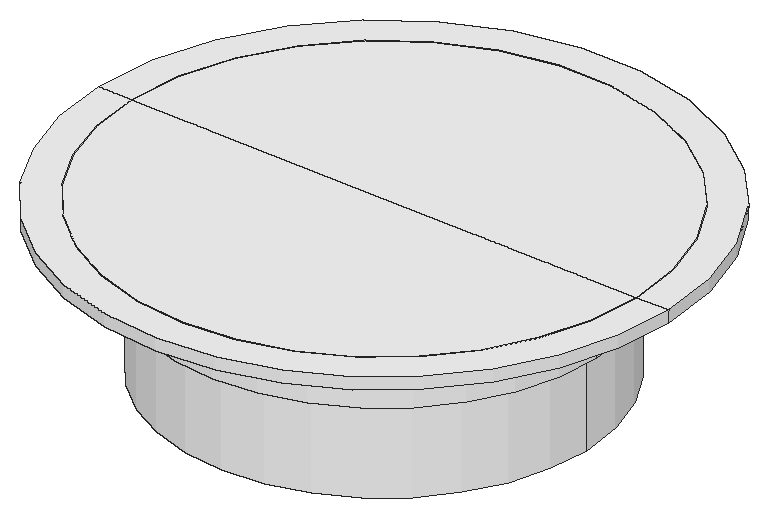
Revit family "Plumbing Fixture-FloorDrain_Mifab_C1500", category Plumbing Fixtures, host Face, Revit 2013
Parameters (values of type "4"")
  WFU = 0
  URL = "WWW.MIFAB.COM"
  Top Assembly Height = 2.000"
  Stainer Radius = Stainer Diameter / 2  # 3.6875"
  Stainer Diameter = 7.375"
  Pipe Radius = Pipe Diameter / 2  # 2.000"
  Pipe Diameter = 4.000"
  Model = "C1500"
  Manufacturer = "MIFAB"
  Floor Drain Material = Paint - Sherwin Williams Paint - #952C2A - Bellwood Red
  Description = "DECK CLEANOUT"
  Default Elevation = 0.000"
  Body Height = 2.000"
Types (5): name | Stainer Radius | Stainer Diameter | Pipe Radius | Pipe Diameter
  (no name) | 3.6875" | 7.375" | 2.000" | 4.000"
  3" | 3.000" | 6.000" | 1.500" | 3.000"
  2" | 2.375" | 4.750" | 1.000" | 2.000"
  4" | 3.6875" | 7.375" | 2.000" | 4.000"
  6" | 4.6875" | 9.375" | 3.000" | 6.000"
Reference planes (in)
  plane 1 "Center (Front/Back)": y = 0
  plane 2: z = 0
  plane 3 "Center (Left/Right)": x = 0
  plane 4: z = -4
  plane 5: x = -2
  plane 6: x = 2
  plane 7: z = -2
  plane 8: x = -3.6875
  plane 9: x = 3.6875
Forms (in)
  Revolve 1, solid, material "Paint - Sherwin Williams Paint - #952C2A - Bellwood Red" <- "Floor Drain Material"
    sketch origin (-0.15, 0, 0) x (1, 0, 0) y (0, 0, 1)
      loop
        line (-1.85, -3.815) -> (-2.3625, -3.815) -> (-2.3625, -2.7) -> (-2.5125, -2.7) -> (-2.5125, -2.12) -> (-3.1175, -2.12) -> (-3.1175, -2) -> (-3.5375, -2) -> (-3.5375, -2.15) -> (-2.6125, -2.15) -> (-2.6125, -2.88) -> (-2.4725, -2.88) -> (-2.4725, -4) -> (-1.85, -4) -> (-1.85, -3.815)
      axis (0.15, -2) -> (0.15, -4)
    angle from 0 to 360
  Revolve 2, solid, material "Paint - Sherwin Williams Paint - #952C2A - Bellwood Red" <- "Floor Drain Material"
    sketch origin (0.00134, 0, 0.00239) x (1, 0, 0) y (0, 0, 1)
      loop
        line (-3.26879, -2.00239) -> (-3.26879, -2.12239) -> (-2.66164, -2.12239) -> (-2.66164, -2.21969) -> (-2.61844, -2.21969) -> (-2.61844, -2.7) -> (0, -2.7) -> (0, -2.00239) -> (-3.26879, -2.00239)
      axis (0, -2.00239) -> (0, -2.7)
    angle from 0 to 360
Dimensions and locks (in)
  "Body Height": plane 7 to plane 4
  equal spacing: plane 6, plane 3 "Center (Left/Right)", plane 5
  "Pipe Diameter": plane 6 to plane 5
  "Top Assembly Height": host face to plane 7
  equal spacing: plane 8, plane 3 "Center (Left/Right)", plane 9
  "Stainer Diameter": plane 8 to plane 9
  equal spacing: plane 5, plane 3 "Center (Left/Right)", plane 6
  locked: Revolve 1 sketch curve to Revolve 1 sketch curve at 0.42
  locked: Revolve 1 sketch curve to Revolve 1 sketch curve at 0.25
  locked: Revolve 1 sketch curve to Revolve 1 sketch curve at 1.12
  locked: Revolve 1 sketch curve to Revolve 1 sketch curve at 0.73
  locked: Revolve 1 sketch curve to Revolve 1 sketch curve at 0.15
  locked: Revolve 1 sketch curve to Revolve 1 sketch curve at 0.1
  locked: Revolve 1 sketch curve to Revolve 1 sketch curve at 0.11
  locked: Revolve 1 sketch curve to Revolve 1 sketch curve at 0.58
  locked: Revolve 1 sketch curve to Revolve 1 sketch curve at 1.115
  locked: Revolve 1 sketch curve to Revolve 1 sketch curve at 0.185
  locked: plane 8 to Revolve 1 sketch curve at 1.175
  locked: Revolve 2 sketch curve to Revolve 2 sketch curve at 0.0432
  locked: Revolve 1 to Revolve 2 sketch curve at 0.0973
  locked: plane 8 to Revolve 2 sketch curve at 0.42004
  locked: Revolve 2 sketch curve to Revolve 2 sketch curve at 0.65035
  aligned and locked: plane 2 to host face
  aligned and locked: level to host face
  aligned and locked: Revolve 1 sketch curve to plane 4
  aligned and locked: Revolve 1 sketch curve to plane 3 "Center (Left/Right)"
  aligned and locked: plane 8 to Revolve 1 sketch curve
  aligned and locked: Revolve 1 sketch curve to plane 5
  aligned and locked: Revolve 2 sketch curve to Revolve 1
  aligned and locked: Revolve 1 to Revolve 2 sketch curve
Automatic sketch dimensions
  host sketch curve to host sketch curve = 96.000"  (x2)
  Revolve 1 sketch curve to plane 4 = 2.11958"
  level to Revolve 1 sketch curve = 0.750"
  Revolve 2 sketch curve to plane 7 = 0.69761"
  plane 3 "Center (Left/Right)" to Revolve 2 sketch curve = 0.00134"  (x2)
  plane 4 to Revolve 2 sketch curve = 0.57031"
  Revolve 2 sketch curve to Revolve 2 sketch curve = 0.95507"
Connectors (in)
  piping at (0, 0, -4), driven by "Pipe Radius"
    settings: on Revolve 1, index 1, connector radius 2", flow factor 0, pipe flow 0 GPM, pressure drop 0.00 psi, fitting loss kfactor 0, connector angle 0.00°, fixture units 0, engagement length 0.000", flow configuration 0, flow direction 0, fitting loss method 0, system type 7, joint type 0, gender type 0, connector reference index -1, connector utility 0, adjustable connector no, is connector primary yes, fitting loss table "", connector description ""
